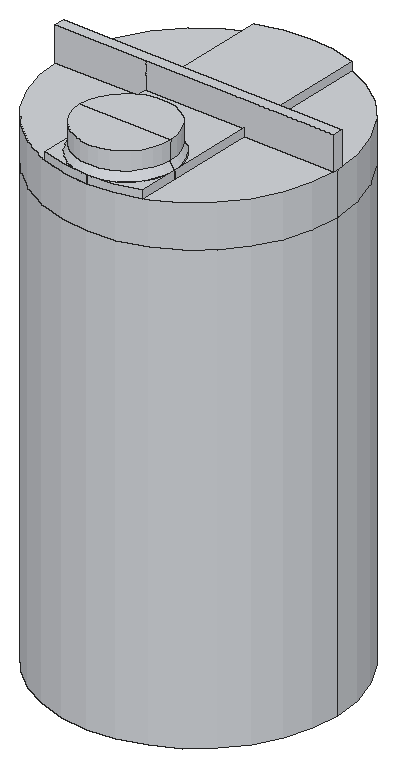
Revit family "Расходный бак гипохлорита", category Оборудование, Revit 2020
Family settings
  Размер круглого соединителя = Использовать диаметр
  Классификация = Нет
  Тип детали = Нормальный
  На основе рабочей плоскости = Нет
  Всегда вертикально = Да
  При загрузке вырезать с полостями = Нет
  Общий = Нет
  Точка расчета площади = Нет
Parameters
  Отметка по умолчанию = 0 mm
  ADSK_Примечание [instance] = ""
  ADSK_Позиция [instance] = "16"
  ADSK_Наименование краткое [instance] = ""
  ADSK_Наименование [instance] = "Расходный бак гипохлорита"
  Мтрл.Название [instance] = ""
  ADSK_Масса_Текст [instance] = "10"
  ADSK_Марка [instance] = ""
  ADSK_Код изделия [instance] = ""
  ADSK_Завод-изготовитель [instance] = "ООО \"НПК \"Акватроник\""
  ADSK_Единица измерения = "шт."
Reference planes
  plane 1 "По центру (Вперед/Назад)": y = 0
  plane 2: z = 0
  plane 3 "По центру (Влево/Вправо)": x = 0
Forms (mm)
  Revolve 1, solid
    sketch origin (0, 0, 0) x (1, 0, 0) y (0, 0, 1)
      loop
        line (0, 0) -> (275, 0) -> (275, 880) -> (275, 963.617) -> (0, 963.617) -> (0, 0)
      axis (0, 0) -> (0, 963.617)
    angle from 0 to 360
  Revolve 2, solid
    sketch origin (0, -178.528, -120) x (1, 0, 0) y (0, 0, 1)
      loop
        line (0, 1150) -> (0, 1083.617) -> (96.472, 1083.617) -> (96.472, 1098.617) -> (85, 1115) -> (90, 1115) -> (90, 1150) -> (0, 1150)
      axis (0, 1150) -> (0, 1083.617)
    angle from 0 to 360
  Extrusion 3, solid
    sketch origin (0, 0, 0) x (1, 0, 0) y (0, 1, 0)
      loop
        line (-274.391, 11.072) -> (-274.391, -8.93) -> (-96.472, -8.93) -> (274.855, -8.93) -> (274.855, 11.072) -> (-274.391, 11.072)
    from 963.617 to 1030
  Extrusion 4, solid
    sketch origin (0, 0, 0) x (1, 0, 0) y (0, 1, 0)
      loop
        arc (-96.472, -257.523) -> (0, -275) -> (96.472, -257.523) r 275
        line (96.472, -257.523) -> (96.472, 257.523)
        arc (96.472, 257.523) -> (0, 275) -> (-96.472, 257.523) r 275
        line (-96.472, 257.523) -> (-96.472, -257.523)
    from 963.617 to 978.617
Dimensions and locks
  aligned and locked: level to plane 2
